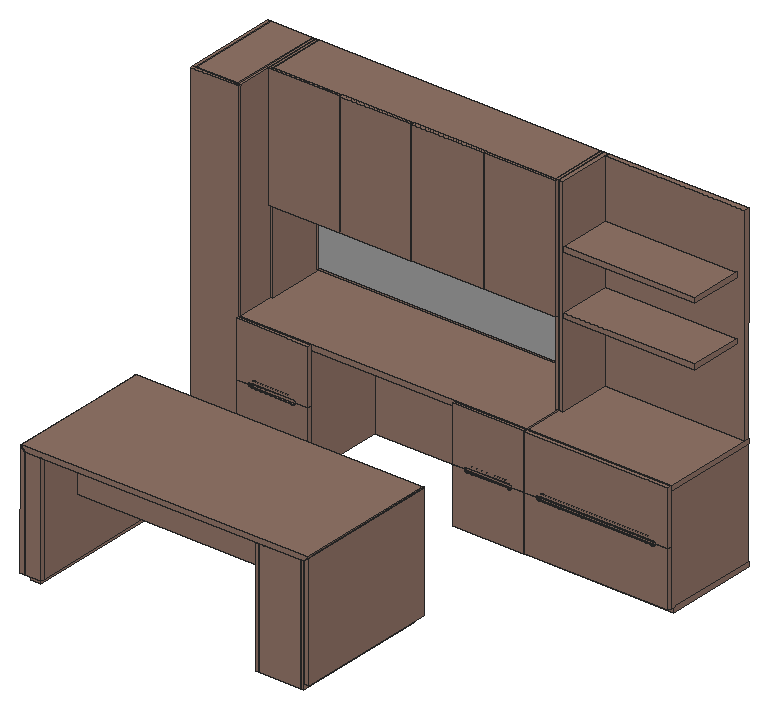
Revit family "OFS TYPICAL S100003", category Furniture, Revit 2022
Family settings
  OmniClass Number = 23.40.20.00
  OmniClass Title = General Furniture and Specialties
  Work Plane-Based = No
  Always vertical = Yes
  Cut with Voids When Loaded = No
  Render Appearance Source = Family Geometry
  Shared = No
  Room Calculation Point = No
Parameters (values of type "S100003")
  URL = "http://ofs.com/"
  Model = "S100003"
  Manufacturer = "OFS"
  Description = "OFS TYPICAL S100003"
  Default Elevation = 0' - 0"
  Copyright © = "©OFS 2024"
  Catalog = ""
  Authoring Version = "Autodesk Revit 2018"
  Assembly Code = "E2020200"
Reference planes (in)
  plane 1 "Center Front/Back": y = 0
  plane 2: z = 0
  plane 3 "Center Left/Right": x = 0
Dimensions and locks (in)
  aligned and locked: level to plane 2
Nested families (in)
  nested 1: "OFS SLATE STORAGE CABINET WARDROBE" at (-66, 0, 0), type "Storage Cabinet-Wardrobe 24.75D Left - 12W x 81H"
    with Top OFS SLATE Dark Wood, Right no, Left yes, Glides OFS SLATE Black Plastic, Door OFS SLATE Dark Wood, Case OFS SLATE Dark Wood, Base OFS SLATE Dark Wood
  nested 2: "OFS SLATE CREDENZAS" at (18, 0, 0), type "36"W Lateral File"
    with Top OFS Dark Wood, Panel OFS Dark Wood, Glides OFS Black Plastic, Drawers OFS Dark Wood, Case OFS Dark Wood, Base OFS Dark Wood
  nested 3: "OFS SLATE OPEN SHELF ORGANIZER" at (18, 0, 0), type "Open Shelf Organizer2 Shelves - Right 2 High - 36W x 52H"
    with Shelf OFS SLATE Dark Wood, Panel OFS SLATE Dark Wood, Elevation 2' - 5 1/4"
  nested 4: "OFS SLATE TACKBOARDS" at (-54.0625, 0, 0), type "Tackboard 72W x 19D"
    with Elevation 2' - 6 1/2", Board OFS SLATE White Fabric
  nested 5: "OFS SLATE CREDENZAS" at (-54, 0, 0), type "72"W Double Pedestal"
    with Top OFS Dark Wood, Panel OFS Dark Wood, Glides OFS Black Plastic, Drawers OFS Dark Wood, Case OFS Dark Wood, Base OFS Dark Wood
  nested 6: "OFS SLATE HIGHBACK ORGANIZER" at (-54, 0, 0), type "Highback Organizer 4 Doors 72W x 52H - 2 High"
    with Top OFS SLATE Dark Wood, Show Doors yes, Panel OFS SLATE Dark Wood, Elevation 2' - 5 1/4", Doors OFS SLATE Dark Wood, Center Doors no, Base Panel OFS SLATE Dark Wood, Base OFS SLATE Dark Wood, Back OFS SLATE Dark Wood
  nested 7: "OFS SLATE DESKS" at (-54, -92.15075, 0) x (-1, 0, 0) z (0, 0, 1), type "Partial Modesty Side Pull Left - 72"W x 36"D"
    with Panel OFS Dark Wood, Mid Panel OFS Dark Wood, Glides OFS Black Plastic, Drawers OFS Dark Wood, Doors OFS Dark Wood, Case OFS Dark Wood, Back Panel OFS Dark Wood
Definition of nested family "OFS SLATE STORAGE CABINET WARDROBE"
  Parameters (values of type "Storage Cabinet-Wardrobe 18D Left - 12W x 69H")
    Width = 1' - 0"
    URL = "http://www.ofs.com/"
    Top [instance] = none
    Right [instance] = no
    Model = "CA-121869LSW"
    Manufacturer = "CAROLINA"  # constant formula
    Left [instance] = yes
    Height = 5' - 9"
    Glides [instance] = none
    Door [instance] = none
    Description = "OFS SLATE Storage Cabinet/Wardrobe Left 12W x 18D x 68.75H, Slate Private Office"
    Depth = 1' - 6"
    Default Elevation = 0' - 0"
    Copyright © = "© 2019 OFS"  # constant formula
    Catalog = "https://ofs.com/products/tables/conference/slate"  # constant formula
    Case [instance] = none
    Base [instance] = none
    Authoring Version = "Autodesk Revit Architecture 2014"  # constant formula
    Assembly Code = "E2020200"
  Types (16): name | Width | Right | Model | Left | Height | Description | Depth
    Storage Cabinet-Wardrobe 24.75D Left - 18W x 81H | 1' - 6" | no | "CA-18481LSW" | yes | 6' - 9" | "OFS SLATE Storage Cabinet/Wardrobe Left 18W x 24.75D x 80.75H, Slate Private Office" | 2' - 0"
    Storage Cabinet-Wardrobe 24.75D Left - 12W x 81H | 1' - 0" | no | "CA-122481LSW" | yes | 6' - 9" | "OFS SLATE Storage Cabinet/Wardrobe Left 12W x 24.75D x 80.75H, Slate Private Office" | 2' - 0"
    Storage Cabinet-Wardrobe 24.75D Left - 18W x 69H | 1' - 6" | no | "CA-182469LSW" | yes | 5' - 9" | "OFS SLATE Storage Cabinet/Wardrobe Left 18W x 24.75D x 68.75H, Slate Private Office" | 2' - 0"
    Storage Cabinet-Wardrobe 24.75D Left - 12W x 69H | 1' - 0" | no | "CA-122469LSW" | yes | 5' - 9" | "OFS SLATE Storage Cabinet/Wardrobe Left 12W x 24.75D x 68.75H, Slate Private Office" | 2' - 0"
    Storage Cabinet-Wardrobe 24.75D Right - 18W x 81H | 1' - 6" | yes | "CA-182481RSW" | no | 6' - 9" | "OFS SLATE Storage Cabinet/Wardrobe Right 18W x 24.75D x 80.75H, Slate Private Office" | 2' - 0"
    Storage Cabinet-Wardrobe 24.75D Right - 12W x 81H | 1' - 0" | yes | "CA-122481RSW" | no | 6' - 9" | "OFS SLATE Storage Cabinet/Wardrobe Right 12W x 24.75D x 80.75H, Slate Private Office" | 2' - 0"
    Storage Cabinet-Wardrobe 24.75D Right - 18W x 69H | 1' - 6" | yes | "CA-182469RSW" | no | 5' - 9" | "OFS SLATE Storage Cabinet/Wardrobe Right 18W x 24.75D x 68.75H, Slate Private Office" | 2' - 0"
    Storage Cabinet-Wardrobe 24.75D Right - 12W x 69H | 1' - 0" | yes | "CA-122469RSW" | no | 5' - 9" | "OFS SLATE Storage Cabinet/Wardrobe Right 12W x 24.75D x 68.75H, Slate Private Office" | 2' - 0"
    Storage Cabinet-Wardrobe 18D Left - 18W x 81H | 1' - 6" | no | "CA-181881LSW" | yes | 6' - 9" | "OFS SLATE Storage Cabinet/Wardrobe Left 18W x 18D x 80.75H, Slate Private Office" | 1' - 6"
    Storage Cabinet-Wardrobe 18D Left - 12W x 81H | 1' - 0" | no | "CA-121881LSW" | yes | 6' - 9" | "OFS SLATE Storage Cabinet/Wardrobe Left 12W x 18D x 80.75H, Slate Private Office" | 1' - 6"
    Storage Cabinet-Wardrobe 18D Left - 18W x 69H | 1' - 6" | no | "CA-181869LSW" | yes | 5' - 9" | "OFS SLATE Storage Cabinet/Wardrobe Left 18W x 18D x 68.75H, Slate Private Office" | 1' - 6"
    Storage Cabinet-Wardrobe 18D Left - 12W x 69H | 1' - 0" | no | "CA-121869LSW" | yes | 5' - 9" | "OFS SLATE Storage Cabinet/Wardrobe Left 12W x 18D x 68.75H, Slate Private Office" | 1' - 6"
    Storage Cabinet-Wardrobe 18D Right - 18W x 81H | 1' - 6" | yes | "CA-181881RSW" | no | 6' - 9" | "OFS SLATE Storage Cabinet/Wardrobe Right 18W x 18D x 80.75H, Slate Private Office" | 1' - 6"
    Storage Cabinet-Wardrobe 18D Right - 12W x 81H | 1' - 0" | yes | "CA-121881RSW" | no | 6' - 9" | "OFS SLATE Storage Cabinet/Wardrobe Right 12W x 18D x 80.75H, Slate Private Office" | 1' - 6"
    Storage Cabinet-Wardrobe 18D Right - 18W x 69H | 1' - 6" | yes | "CA-181869RSW" | no | 5' - 9" | "OFS SLATE Storage Cabinet/Wardrobe Right 18W x 18D x 68.75H, Slate Private Office" | 1' - 6"
    Storage Cabinet-Wardrobe 18D Right - 12W x 69H | 1' - 0" | yes | "CA-121869RSW" | no | 5' - 9" | "OFS SLATE Storage Cabinet/Wardrobe Right 12W x 18D x 68.75H, Slate Private Office" | 1' - 6"
  Reference planes (in)
    plane 1 "Center (Front/Back)": y = 0
    plane 2: z = 0
    plane 3 "Center (Left/Right)": x = 0
    plane 4: x = 12
    plane 5: x = 6
    plane 6: y = -18
    plane 7: y = -21.66451
    plane 8: z = 68.7
    plane 9: z = 68.6375
    plane 10: z = 67.95
    plane 11: z = 1.7625
    plane 12: z = 2.45
    plane 13: z = 1.7
    plane 14: z = 0.45
    plane 15: z = 69
  Dimensions and locks (in)
    "Width": plane 3 "Center (Left/Right)" to plane 4
    equal spacing: plane 3 "Center (Left/Right)", plane 5, plane 4
    plane 15 to plane 8 to plane 9 to plane 10 = 0' - 0.3" locked, 0' - 0 1/16" locked, 0' - 0 11/16" locked
    plane 12 to plane 11 to plane 13 to plane 14 to level = 0' - 0 11/16" locked, 0' - 0 1/16" locked, 0' - 1 1/4" locked, 0' - 0.45" locked
    "Height": plane 15 to level
    equal spacing: nested 3, nested 4, plane 3 "Center (Left/Right)"
    locked: plane 7 to plane 6 at 3.66451
    "Depth": plane 6 to plane 1 "Center (Front/Back)"
    aligned and locked: level to plane 2
    aligned and locked: nested 1 to plane 7
    aligned and locked: plane 5 to nested 1
    aligned and locked: nested 4 to plane 7
  Nested families (in)
    nested 1: "Tag" at (6, -21.66451, 0) x (-1, 0, 0) z (0, 0, 1), visible <- "Left", type "Center", detail levels fine
      with Offset (LR) 0' - 0", Distance of Center (not Change) 0' - 0.11"
    nested 2: "OFS_Slate Private Office_Storage_Cabinet_Wardrobe" at (0, 0, 0), Top <- "Top", Glides <- "Glides", Drawers <- "Door", Case <- "Case", Base <- "Base", visible <- "Left", type "OFS_Slate Private Office_Storage_Cabinet_Wardrobe"
      with Top none, Right no, Left yes, Glides none, Drawers none, Case none, Base none
    nested 3: "OFS_Slate Private Office_Storage_Cabinet_Wardrobe" at (0, 0, 0) x (-1, 0, 0) z (0, 0, 1), Top <- "Top", Glides <- "Glides", Drawers <- "Door", Case <- "Case", Base <- "Base", visible <- "Right", type "OFS_Slate Private Office_Storage_Cabinet_Wardrobe"
      with Top none, Right no, Left yes, Glides none, Drawers none, Case none, Base none
    nested 4: "Tag" at (-6, -21.66451, 0), visible <- "Right", type "Center", detail levels fine
      with Offset (LR) 0' - 0", Distance of Center (not Change) 0' - 0.11"
  Definition of nested family "OFS_Slate Private Office_Storage_Cabinet_Wardrobe"
    Parameters
      Width = 1' - 0"
      URL = "http://www.ofsbrands.com/"
      Top [instance] = none
      Right [instance] = no
      Model = "Type Catalog"
      Manufacturer = "OFS BRANDS"  # constant formula
      Left [instance] = yes
      Height = 5' - 9"
      Glides [instance] = none
      Drawers [instance] = none
      Description = "Type Catalog"
      Depth = 1' - 6"
      Default Elevation = 0' - 0"
      Copyright © = "© 2016 OFS BRANDS"  # constant formula
      Catalog = "OFS"  # constant formula
      Case [instance] = none
      Base [instance] = none
      Authoring Version = "Autodesk Revit Architecture 2014"  # constant formula
      Assembly Code = "E2020200"
    Reference planes (in)
      plane 1 "Center (Front/Back)": y = 0
      plane 2: z = 0
      plane 3 "Center (Left/Right)": x = 0
      plane 4: x = 12
      plane 5: x = 6
      plane 6: y = -0.75
      plane 7: y = -1.37544
      plane 8: y = -18
      plane 9: y = -17.25
      plane 10: y = -16.375
      plane 11: y = -14.99956
      plane 12: y = -15.625
      plane 13: y = -21.66451
      plane 14: x = 0.75
      plane 15: x = 2.25
      plane 16: x = 9.75
      plane 17: x = 11.25
      plane 18: z = 68.7
      plane 19: z = 68.6375
      plane 20: z = 67.95
      plane 21: z = 1.7625
      plane 22: z = 2.45
      plane 23: z = 1.7
      plane 24: z = 0.45
      plane 25: z = 69
    Forms (in)
      Revolve 1, solid, material <- "Glides"
        sketch origin (14.86463, -1.37544, 140) x (1, 0, 0) y (0, 0, 1)
          loop
            line (-13.47373, -139.55) -> (-13.72373, -139.55) -> (-13.72373, -139.74756) -> (-13.76241, -139.74756)
            arc (-13.76241, -139.74756) -> (-13.84683, -139.89216) -> (-13.71873, -140) r 0.13
            line (-13.71873, -140) -> (-13.47373, -140) -> (-13.47373, -139.55)
          axis (-13.47373, -139.55) -> (-13.47373, -140)
        angle from 0 to 360
      Revolve 2, solid, material <- "Glides"
        sketch origin (-2.86463, -1.37544, 140) x (-1, 0, 0) y (0, 0, -1)
          loop
            line (-13.47373, 139.55) -> (-13.47373, 140) -> (-13.71873, 140)
            arc (-13.71873, 140) -> (-13.84683, 139.89216) -> (-13.76241, 139.74756) r 0.13
            line (-13.76241, 139.74756) -> (-13.72373, 139.74756) -> (-13.72373, 139.55) -> (-13.47373, 139.55)
          axis (-13.47373, 139.55) -> (-13.47373, 140)
        angle from 0 to 360
      Revolve 3, solid, material <- "Glides"
        sketch origin (14.86463, -14.99956, 140) x (1, 0, 0) y (0, 0, 1)
          loop
            line (-13.47373, -139.55) -> (-13.72373, -139.55) -> (-13.72373, -139.74756) -> (-13.76241, -139.74756)
            arc (-13.76241, -139.74756) -> (-13.84683, -139.89216) -> (-13.71873, -140) r 0.13
            line (-13.71873, -140) -> (-13.47373, -140) -> (-13.47373, -139.55)
          axis (-13.47373, -139.55) -> (-13.47373, -140)
        angle from 0 to 360
      Revolve 4, solid, material <- "Glides"
        sketch origin (14.86463, -14.99956, 140) x (1, 0, 0) y (0, 0, 1)
          loop
            line (-4.25553, -139.55) -> (-4.25553, -140) -> (-4.01053, -140)
            arc (-4.01053, -140) -> (-3.88244, -139.89216) -> (-3.96686, -139.74756) r 0.13
            line (-3.96686, -139.74756) -> (-4.00553, -139.74756) -> (-4.00553, -139.55) -> (-4.25553, -139.55)
          axis (-4.25553, -139.55) -> (-4.25553, -140)
        angle from 0 to 360
      Extrusion 5, solid, material <- "Case"
        sketch origin (-18.37457, -60, 0.45) x (-1, 0, 0) y (0, -1, 0)
          loop
            line (-19.12457, -59.25) -> (-19.12457, -57.75) -> (-20.62457, -57.75) -> (-20.62457, -59.25) -> (-19.12457, -59.25)
          loop
            line (-28.12457, -59.25) -> (-28.12457, -57.75) -> (-29.62457, -57.75) -> (-29.62457, -59.25) -> (-28.12457, -59.25)
          loop
            line (-19.12457, -44.375) -> (-20.62457, -44.375) -> (-20.62457, -45.875) -> (-19.12457, -45.875) -> (-19.12457, -44.375)
          loop
            line (-28.12457, -44.375) -> (-29.62457, -44.375) -> (-29.62457, -45.875) -> (-28.12457, -45.875) -> (-28.12457, -44.375)
        from 0 to 1.25
      Sweep 6, solid, material <- "Case"
        path origin (-18.37457, -60, 0.45) x (-1, 0, 0) y (0, -1, 0)
          loop
            line (-19.12457, -60) -> (-19.12457, -44.375) -> (-29.62457, -44.375) -> (-29.62457, -60)
        profile origin (6, -15.625, 0.45) x (0, 1, 0) y (0, 0, 1)
          loop
            line (0, 0) -> (0, 1.25) -> (-0.75, 1.25) -> (-0.75, 0) -> (0, 0)
      Extrusion 7, solid, material <- "Case"
        sketch origin (0, 0, 0) x (1, 0, 0) y (0, 0, 1)
          loop
            line (0, 1.7) -> (0.75, 1.7) -> (0.75, 68.7) -> (0, 68.7) -> (0, 1.7)
          loop
            line (12, 1.7) -> (12, 68.7) -> (11.25, 68.7) -> (11.25, 1.7) -> (12, 1.7)
        from 0 to 17.25
      Extrusion 8, solid, material <- "Drawers"
        sketch origin (-3.04745, -18, 140) x (-1, 0, 0) y (0, 0, 1)
          loop
            line (-14.98502, -138.2375) -> (-3.10988, -138.2375) -> (-3.10988, -71.3625) -> (-14.98502, -71.3625) -> (-14.98502, -138.2375)
        from 0 to 0.75
      Extrusion 9, solid, material <- "Top"
        sketch origin (0.75, 2.87053, 140) x (0, 1, 0) y (0, 0, 1)
          loop
            line (-2.87053, -71.3) -> (-20.12053, -71.3) -> (-20.12053, -72.05) -> (-2.87053, -72.05) -> (-2.87053, -71.3)
        from 0 to 10.5
      Extrusion 10, solid, material <- "Base"
        sketch origin (0.75, 2.87053, 140) x (0, 1, 0) y (0, 0, 1)
          loop
            line (-3.62053, -137.55) -> (-20.12053, -137.55) -> (-20.12053, -138.3) -> (-3.62053, -138.3) -> (-3.62053, -137.55)
        from 0 to 10.5
      Extrusion 11, solid, material <- "Case"
        sketch origin (-18.37457, -60, 0.45) x (-1, 0, 0) y (0, -1, 0)
          loop
            line (-19.12457, -60) -> (-19.12457, -59.25) -> (-29.62457, -59.25) -> (-29.62457, -60) -> (-19.12457, -60)
        from 0 to 67.5
    Cuts and joins
      joined: Sweep 6, Extrusion 7
      joined: Revolve 1, Revolve 2, Revolve 3, Revolve 4
    Lines and regions (in)
      Masking region 1
        outline origin (-18.37457, -60, 68.7) x (-1, 0, 0) y (0, -1, 0)
          loop
            line (-18.37457, -60) -> (-18.37457, -42) -> (-30.37457, -42) -> (-30.37457, -60) -> (-18.37457, -60)
      symbolic lines, detail levels medium+fine
        curve 1: line (0, -18, 68.7) -> (12, -21.66451, 68.7)
        curve 2: line (12, -21.66451, 68.7) -> (12, -18, 68.7)
    Dimensions and locks (in)
      "Width": plane 3 "Center (Left/Right)" to plane 4
      equal spacing: plane 3 "Center (Left/Right)", plane 5, plane 4
      plane 3 "Center (Left/Right)" to plane 14 to plane 15 = 0' - 0 3/4" locked, 0' - 1 1/2" locked
      plane 16 to plane 17 to plane 4 = 0' - 1 1/2" locked, 0' - 0 3/4" locked
      plane 13 to plane 8 to plane 9 to plane 10 to plane 12 to plane 11 = 0' - 3.66451" locked, 0' - 0 3/4" locked, 0' - 0 7/8" locked, 0' - 0 3/4" locked, 0' - 0.62544" locked
      plane 7 to plane 6 to plane 1 "Center (Front/Back)" = 0' - 0.62544" locked, 0' - 0 3/4" locked
      "Depth": plane 8 to plane 1 "Center (Front/Back)"
      plane 25 to plane 18 to plane 19 to plane 20 = 0' - 0.3" locked, 0' - 0 1/16" locked, 0' - 0 11/16" locked
      plane 22 to plane 21 to plane 23 to plane 24 to level = 0' - 0 11/16" locked, 0' - 0 1/16" locked, 0' - 1 1/4" locked, 0' - 0.45" locked
      "Height": plane 25 to level
      aligned and locked: level to plane 2
      aligned and locked: Extrusion 5 sketch curve to plane 6  (x2)
      aligned and locked: plane 14 to Extrusion 5 sketch curve
      aligned and locked: Extrusion 5 sketch curve to plane 15
      aligned and locked: plane 16 to Extrusion 5 sketch curve
      aligned and locked: plane 17 to Extrusion 5 sketch curve
      aligned and locked: Extrusion 5 sketch curve to plane 12  (x2)
      aligned and locked: Extrusion 5 sketch curve to plane 14
      aligned and locked: plane 15 to Extrusion 5 sketch curve
      aligned and locked: Extrusion 5 sketch curve to plane 16
      aligned and locked: Extrusion 5 sketch curve to plane 17
      aligned and locked: plane 23 to Extrusion 5
      aligned and locked: Sweep 6 sketch curve to plane 12
      aligned and locked: plane 18 to Extrusion 7 sketch curve
      aligned and locked: Extrusion 7 sketch curve to plane 3 "Center (Left/Right)"
      aligned and locked: plane 14 to Extrusion 7 sketch curve
      aligned and locked: Extrusion 7 sketch curve to plane 18
      aligned and locked: Extrusion 7 sketch curve to plane 17
      aligned and locked: Extrusion 7 sketch curve to plane 4
      aligned and locked: plane 9 to Extrusion 7
      aligned and locked: plane 19 to Extrusion 8 sketch curve
      aligned and locked: plane 21 to Extrusion 8 sketch curve
      aligned and locked: Extrusion 9 sketch curve to plane 9
      aligned and locked: Extrusion 9 sketch curve to plane 18
      aligned and locked: plane 20 to Extrusion 9 sketch curve
      aligned and locked: plane 1 "Center (Front/Back)" to Extrusion 9 sketch curve
      aligned and locked: Extrusion 10 sketch curve to plane 22
      aligned and locked: Extrusion 10 sketch curve to plane 6
      aligned and locked: Extrusion 10 to plane 17
      aligned and locked: Extrusion 11 sketch curve to Extrusion 10
      aligned and locked: plane 20 to Extrusion 11
      aligned and locked: Extrusion 9 to plane 17
      aligned and locked: plane 14 to Sweep 6 sketch curve
      aligned and locked: plane 17 to Sweep 6 sketch curve
      aligned and locked: Extrusion 11 to plane 24
      aligned and locked: Masking region 1 sketch curve to plane 4
      aligned and locked: plane 3 "Center (Left/Right)" to Masking region 1 sketch curve
      aligned and locked: plane 1 "Center (Front/Back)" to Masking region 1 sketch curve
      aligned and locked: plane 8 to Masking region 1 sketch curve
      aligned and locked: plane 13 to curve 1
      aligned and locked: plane 4 to curve 1
      aligned and locked: plane 3 "Center (Left/Right)" to curve 1
      aligned and locked: plane 8 to curve 1
      aligned and locked: plane 8 to curve 2
      aligned and locked: Extrusion 7 sketch curve to plane 23
      aligned and locked: plane 23 to Extrusion 7 sketch curve
      aligned and locked: plane 1 "Center (Front/Back)" to Sweep 6 sketch curve  (x2)
    Automatic sketch dimensions
      Revolve 1 sketch curve to plane 24 = 0' - 0"
      Revolve 1 sketch curve to level = 0' - 0"
      Revolve 1 sketch curve to plane 24 = 0' - 0.19756"
      plane 14 to Revolve 1 sketch curve = 0' - 0.35223"
      Revolve 1 sketch curve to Revolve 1 sketch curve = 0' - 0.03868"
      Revolve 1 sketch curve to Revolve 1 sketch curve = 0' - 0.005"
      Revolve 1 sketch curve to Revolve 1 sketch curve = 0' - 0.245"
      Revolve 1 sketch curve to Revolve 1 sketch curve = 0' - 0"
      Revolve 1 sketch curve to level = 0' - 0.14265"
      Revolve 1 sketch curve to Revolve 1 sketch curve = 0' - 0.19756"
      Revolve 2 sketch curve to plane 24 = 0' - 0"
      Revolve 2 sketch curve to level = 0' - 0"
      Revolve 2 sketch curve to plane 24 = 0' - 0.19756"
      plane 17 to Revolve 2 sketch curve = 0' - 0.35223"
      Revolve 2 sketch curve to Revolve 2 sketch curve = 0' - 0.03868"
      Revolve 2 sketch curve to Revolve 2 sketch curve = 0' - 0.005"
      Revolve 2 sketch curve to Revolve 2 sketch curve = 0' - 0.245"
      Revolve 2 sketch curve to Revolve 2 sketch curve = 0' - 0"
      Revolve 2 sketch curve to Revolve 2 sketch curve = 0' - 0.19756"
      Revolve 2 sketch curve to level = 0' - 0.14265"
      Revolve 3 sketch curve to plane 24 = 0' - 0"
      Revolve 3 sketch curve to level = 0' - 0"
      Revolve 3 sketch curve to plane 24 = 0' - 0.19756"
      plane 14 to Revolve 3 sketch curve = 0' - 0.35223"
      Revolve 3 sketch curve to Revolve 3 sketch curve = 0' - 0.03868"
      Revolve 3 sketch curve to Revolve 3 sketch curve = 0' - 0.005"
      Revolve 3 sketch curve to Revolve 3 sketch curve = 0' - 0.245"
      Revolve 3 sketch curve to Revolve 3 sketch curve = 0' - 0"
      Revolve 3 sketch curve to level = 0' - 0.14265"
      Revolve 3 sketch curve to Revolve 3 sketch curve = 0' - 0.19756"
      Revolve 4 sketch curve to plane 24 = 0' - 0"
      Revolve 4 sketch curve to level = 0' - 0"
      plane 17 to Revolve 4 sketch curve = 0' - 0.6409"
      Revolve 4 sketch curve to Revolve 4 sketch curve = 0' - 0.245"
      Revolve 4 sketch curve to Revolve 4 sketch curve = 0' - 0.005"
      Revolve 4 sketch curve to Revolve 4 sketch curve = 0' - 0.03868"
      Revolve 4 sketch curve to Revolve 4 sketch curve = 0' - 0.13"
      Revolve 4 sketch curve to Revolve 4 sketch curve = 0' - 0"
      Revolve 4 sketch curve to level = 0' - 0.14265"
      Revolve 4 sketch curve to Revolve 4 sketch curve = 0' - 0.19756"
      plane 7 to Extrusion 5 sketch curve = 0' - 0.87456"  (x2)
      Extrusion 5 sketch curve to plane 11 = 0' - 0.87456"  (x2)
      Sweep 6 sketch curve to plane 24 = 0' - 0"
      Sweep 6 sketch curve to profile plane = 0' - 0"
      profile plane to Sweep 6 sketch curve = 0' - 0 3/4"
      Sweep 6 sketch curve to Sweep 6 sketch curve = 0' - 1 1/4"
      Extrusion 8 sketch curve to plane 4 = 0' - 0.06243"
      plane 3 "Center (Left/Right)" to Extrusion 8 sketch curve = 0' - 0.06243"
      Extrusion 11 sketch curve to plane 6 = 0' - 0"
      Extrusion 10 sketch curve to plane 9 = 0' - 0"
      Extrusion 10 sketch curve to plane 23 = 0' - 0"
      Extrusion 11 sketch curve to plane 14 = 0' - 0"
      plane 1 "Center (Front/Back)" to Extrusion 11 sketch curve = 0' - 0"
  Definition of nested family "Tag"
    Parameters
      P_Width = 0' - 0"
      Text_Width = "Empty"
      Text_Height = "Empty"
      Text_Diameter = "Empty"
      Text_Depth = "Empty"
      Offset (LR) [instance] = 0' - 0"
      Model Name = "Type Catalog"
      P_Height = 0' - 0"
      Distance of Center (not Change) = 0' - 0.1"
      P_Diameter = 0' - 0"
      P_Depth = 0' - 0"
    Reference planes (in)
      plane 1: y = 0
      plane 2: x = 0
    Lines and regions (in)
      reference lines
        curve 1: line (-0.44359, 0.1, 0) -> (0.41085, 0.1, 0)
        curve 3: line (0, 0.42564, 0) -> (0, -0.30221, 0)
      reference lines, not visible
        curve 2: line (-0.44359, 0.09843, 0) -> (0.41085, 0.09843, 0)
        curve 4: line (0, 0.42407, 0) -> (0, -0.30379, 0)
    Text (in)
      label "Empty" at (0.00197, 0.0921, 0), shows "Model Name"
      label "Empty" at (0.00197, 0.09052, 0), shows "Model Name", not visible
    Dimensions and locks (in)
      "Distance of Center (not Change)": plane 1 to curve 1
      "Offset (LR)": curve 3 to plane 2
    Automatic sketch dimensions
      curve 1 to curve 3 = 0' - 0.44359"
      curve 3 to curve 1 = 0' - 0.41085"
      curve 3 to curve 1 = 0' - 0.40221"
      curve 1 to curve 3 = 0' - 0.32564"
      curve 2 to curve 4 = 0' - 0.44359"
      curve 4 to curve 2 = 0' - 0.41085"
      curve 4 to curve 2 = 0' - 0.40221"
      curve 2 to curve 4 = 0' - 0.32564"
Definition of nested family "OFS SLATE CREDENZAS"
  Parameters (values of type "108"W Overlay Lateral File")
    Width = 9' - 0"
    URL = "http://www.ofs.com/"
    Type = 4
    Top [instance] = none
    Panel [instance] = none
    Model = "CA-A10825CLF6"
    Manufacturer = "CAROLINA"
    Glides [instance] = none
    Drawers [instance] = none
    Description = "OFS SLATE Credenza Overlay Lateral File 6 Drawers, 108W x 25.50D x 20.5H, Slate Private Office"
    Default Elevation = 0' - 0"
    Copyright © = "© 2019 OFS"
    Catalog = "https://ofs.com/products/casegoods/private-office/slate"
    Case [instance] = none
    Base [instance] = none
    Authoring Version = "Autodesk Revit Architecture 2014"
    Assembly Code = "E2020200"
  Types (19): name | Width | Type | Model | Description
    108"W Overlay Lateral File/Doors | 9' - 0" | 5 | "CA-A10825CLFC4" | "OFS SLATE Credenza Overlay Lateral File/Doors 4 Drawers, 108W x 25.50D x 30.5H, Slate Private Office"
    90"W Overlay Lateral File/Doors | 7' - 6" | 5 | "CA-A9025CLFC4" | "OFS SLATE Credenza Overlay Lateral File/Doors 4 Drawers, 90W x 25.50D x 30.5H, Slate Private Office"
    72"W Overlay Lateral File/Doors | 6' - 0" | 5 | "CA-A7225CLFC2" | "OFS SLATE Credenza Overlay Lateral File/Doors 2 Drawers, 72W x 25.50D x 30.5H, Slate Private Office"
    60"W Overlay Lateral File/Doors | 5' - 0" | 5 | "CA-A6025CLFC2" | "OFS SLATE Credenza Overlay Lateral File/Doors 2 Drawers, 60W x 25.50D x 30.5H, Slate Private Office"
    108"W Overlay Lateral File | 9' - 0" | 4 | "CA-A10825CLF6" | "OFS SLATE Credenza Overlay Lateral File 6 Drawers, 108W x 25.50D x 20.5H, Slate Private Office"
    90"W Overlay Lateral File | 7' - 6" | 4 | "CA-A9025CLF6" | "OFS SLATE Credenza Overlay Lateral File 6 Drawers, 90W x 25.50D x 20.5H, Slate Private Office"
    72"W Overlay Lateral File | 6' - 0" | 4 | "CA-A7225CLF4" | "OFS SLATE Credenza Overlay Lateral File 4 Drawers, 72W x 25.50D x 20.5H, Slate Private Office"
    60"W Overlay Lateral File | 5' - 0" | 4 | "CA-A6025CLF4" | "OFS SLATE Credenza Overlay Lateral File 4 Drawers, 60W x 25.50D x 20.5H, Slate Private Office"
    36"W Overlay Lateral File | 3' - 0" | 4 | "CA-A3625CLF2" | "OFS SLATE Credenza Overlay Lateral File 2 Drawers, 36W x 25.50D x 20.5H, Slate Private Office"
    30"W Overlay Lateral File | 2' - 6" | 4 | "CA-A3025CLF2" | "OFS SLATE Credenza Overlay Lateral File 2 Drawers, 30W x 25.50D x 20.5H, Slate Private Office"
    72"W Lateral File/Cabinet | 6' - 0" | 3 | "CA-7224CLFC2-2" | "OFS SLATE Credenza Lateral File/Babinet, 72W x 24.75D x 29,25H, Slate Private Office"
    66"W Lateral File/Cabinet | 5' - 6" | 3 | "CA-6624CLFC2-2" | "OFS SLATE Credenza Lateral File/Babinet, 66W x 24.75D x 29,25H, Slate Private Office"
    72"W Lateral File | 6' - 0" | 2 | "CA-7224CLF4-2" | "OFS SLATE Credenza Lateral File, 72W x 24.75D x 29,25H, Slate Private Office"
    60"W Lateral File | 5' - 0" | 2 | "CA-6024CLF4-2" | "OFS SLATE Credenza Lateral File, 60W x 24.75D x 29,25H, Slate Private Office"
    36"W Lateral File | 3' - 0" | 2 | "CA-3624CLF2-2" | "OFS SLATE Credenza Lateral File, 36W x 24.75D x 29,25H, Slate Private Office"
    30"W Lateral File | 2' - 6" | 2 | "CA-3024CLF2-2" | "OFS SLATE Credenza Lateral File, 30W x 24.75D x 29,25H, Slate Private Office"
    72"W Double Pedestal | 6' - 0" | 1 | "CA-7224CR-2" | "OFS SLATE Credenza Double Pedestal, 72W x 24.75D x 29,25H, Slate Private Office"
    66"W Double Pedestal | 5' - 6" | 1 | "CA-6624CR-2" | "OFS SLATE Credenza Double Pedestal, 66W x 24.75D x 29,25H, Slate Private Office"
    60"W Double Pedestal | 5' - 0" | 1 | "CA-6024CR-2" | "OFS SLATE Credenza Double Pedestal, 60W x 24.75D x 29,25H, Slate Private Office"
  Reference planes (in)
    plane 1 "Center (Front/Back)": y = 0
    plane 2: z = 0
    plane 3 "Center (Left/Right)": x = 0
    plane 4: x = 108
    plane 5: y = -24.83728
    plane 6: x = 54
  Dimensions and locks (in)
    "Width": plane 3 "Center (Left/Right)" to plane 4
    equal spacing: plane 3 "Center (Left/Right)", plane 6, plane 4
    aligned and locked: level to plane 2
    aligned and locked: plane 6 to nested 1
    aligned and locked: plane 5 to nested 1
  Nested families (in)
    nested 1: "Tag" at (54, -24.83728, 0), type "Center", detail levels fine
      with Offset (LR) 0' - 0", Distance of Center (not Change) 0' - 0.12"
    nested 2: "OFS_Slate Private Office_Credenzas_Double Pedestal" at (0, 0, 0), Top <- "Top", Panel <- "Panel", Glides <- "Glides", Drawers <- "Drawers", Case <- "Case", Base <- "Base", Width <- "Width", Type <- "Type", type "OFS_Slate Private Office_Credenzas_Double Pedestal"
      with Width 1 9' - 0", Width 9' - 0", Type 4, Top none, Panel none, Glides none, Drawers none, Double Pedestal no, Case none, Base none
    nested 3: "OFS_Slate Private Office_Credenzas_Lateral File Cabinet" at (0, 0, 0), Top <- "Top", Glides <- "Glides", Drawers <- "Drawers", Case <- "Case", Base <- "Base", Width <- "Width", type "OFS_Slate Private Office_Credenzas_Lateral File Cabinet"
      with Width 1 9' - 0", Width 9' - 0", Top none, Length 2' - 4.755", Glides none, Drawers none, Case none, Base none, Type 4, Lateral File/Cabinet no
    nested 4: "OFS_Slate Private Office_Credenzas_Lateral File" at (0, 0, 0), Top <- "Top", Glides <- "Glides", Drawers <- "Drawers", Case <- "Case", Base <- "Base", Width <- "Width", type "OFS_Slate Private Office_Credenzas_Lateral File"
      with Width 9' - 0", Top none, Length 3 9' - 3", Length 2 2' - 4.692", Length 1 4' - 6", Glides none, Drawers none, Case none, Base none, Type 4, Lateral File no
    nested 5: "OFS_Slate Private Office_Credenzas_Overlay Lateral File Doors" at (0, 0, 0), Top <- "Top", Panel <- "Panel", Glides <- "Glides", Drawers <- "Drawers", Case <- "Case", Base <- "Base", Width <- "Width", type "OFS_Slate Private Office_Credenzas_Overlay Lateral File Doors"
      with Width 1 9' - 0", Width 9' - 0", Top none, Panel none, Length 2 1' - 5 7/8", Length 1 2' - 3.005", Lateral Drawers no, Glides none, Drawers none, Case none, Base none, 4 Drawers no, 2 Drawers no, Type 4, Overlay Lateral File no
    nested 6: "OFS_Slate Private Office_Credenzas_Overlay Lateral File" at (0, 0, 0), Top <- "Top", Panel <- "Panel", Glides <- "Glides", Drawers <- "Drawers", Case <- "Case", Base <- "Base", Width <- "Width", type "OFS_Slate Private Office_Credenzas_Overlay Lateral File"
      with Width 9' - 0", Top none, Panel none, Length 2 1' - 5 7/8", Length 1 2' - 3.005", Glides none, Drawers none, Case none, Base none, 6 Drawers yes, 4 Drawers no, 2 Drawers no
  Definition of nested family "OFS_Slate Private Office_Credenzas_Overlay Lateral File"
    Parameters
      Width [instance] = 2' - 6"
      URL = "http://www.ofsbrands.com/"
      Type = 4
      Top [instance] = none
      Panel [instance] = none
      Model = "Type Catalog"
      Manufacturer = "OFS BRANDS"  # constant formula
      Length 2 [instance] = if(and(Type = 4, Width < 5' 0"), 0' 0.063", 1' 5 7/8")  # 0' - 0.063"
      Length 1 [instance] = if(and(Type = 4, Width = 2' 6"), 1' 7.255", if(and(Type = 4, Width = 3' 0"), 2' 1.255", if(and(Type = 4, Width = 5' 0"), 1' 1.255", if(and(Type = 4, Width = 6' 0"), 2' 1.255", if(and(Type = 4, Width = 7' 6"), 1' 6.005", 2' 3.005")))))  # 1' - 7.255"
      Overlay Lateral File = Type = 4  # yes
      Glides [instance] = none
      Drawers [instance] = none
      Description = "Type Catalog"
      Default Elevation = 0' - 0"
      Copyright © = "© 2016 OFS BRANDS"  # constant formula
      Catalog = "OFS"  # constant formula
      Case [instance] = none
      Base [instance] = none
      Authoring Version = "Autodesk Revit Architecture 2014"  # constant formula
      Assembly Code = "E2020200"
      6 Drawers [instance] = and(Type = 4, Width > 6' 0")  # no
      4 Drawers [instance] = and(Type = 4, Width > 3' 0", Width < 7' 6")  # no
      2 Drawers [instance] = and(Type = 4, Width < 5' 0")  # yes
    Reference planes (in)
      plane 1 "Center (Front/Back)": y = 0
      plane 2: z = 0
      plane 3 "Center (Left/Right)": x = 0
      plane 4: x = 29.25
      plane 5: x = 30
      plane 6: x = 0.75
      plane 7: y = -24
      plane 8: y = -25.58661
      plane 9: y = -23.125
      plane 10: x = 0.125
      plane 11: x = 29.875
      plane 12: z = 0.45
      plane 13: z = 30.3875
      plane 14: y = -1.38677
      plane 15: y = -21.25
      plane 16: y = -11.5625
      plane 17: x = 15
      plane 18: x = 1.8755
      plane 19: x = 28.1245
      plane 20: x = 1.8125
      plane 21: x = 28.1875
      plane 22: x = 28.0625
      plane 23: x = 10.60417
      plane 24: x = 19.39583
    Forms (in)
      Revolve 1, solid, material <- "Glides", visible <- "Overlay Lateral File"
        sketch origin (1.0178, -1.38677, 47.24409) x (-1, 0, 0) y (0, 0, 1)
          loop
            line (0.04905, -46.79409) -> (0.04905, -47.24409) -> (0.29405, -47.24409)
            arc (0.29405, -47.24409) -> (0.42215, -47.13626) -> (0.33773, -46.99165) r 0.13
            line (0.33773, -46.99165) -> (0.29905, -46.99165) -> (0.29905, -46.79409) -> (0.04905, -46.79409)
          axis (0.04905, -46.79409) -> (0.04905, -47.24409)
        angle from 0 to 360
      Revolve 2, solid, material <- "Glides", visible <- "Overlay Lateral File"
        sketch origin (70.9822, -1.38677, 47.24409) x (1, 0, 0) y (0, 0, -1)
          loop
            line (-41.95095, 46.79409) -> (-41.70095, 46.79409) -> (-41.70095, 46.99165) -> (-41.66227, 46.99165)
            arc (-41.66227, 46.99165) -> (-41.57785, 47.13626) -> (-41.70595, 47.24409) r 0.13
            line (-41.70595, 47.24409) -> (-41.95095, 47.24409) -> (-41.95095, 46.79409)
          axis (-41.95095, 46.79409) -> (-41.95095, 47.24409)
        angle from 0 to 360
      Revolve 3, solid, material <- "Glides", visible <- "Overlay Lateral File"
        sketch origin (1.0178, -21.25, 47.24409) x (-1, 0, 0) y (0, 0, 1)
          loop
            line (-28.01344, -46.79409) -> (-28.26344, -46.79409) -> (-28.26344, -46.99165) -> (-28.30212, -46.99165)
            arc (-28.30212, -46.99165) -> (-28.38654, -47.13626) -> (-28.25844, -47.24409) r 0.13
            line (-28.25844, -47.24409) -> (-28.01344, -47.24409) -> (-28.01344, -46.79409)
          axis (-28.01344, -46.79409) -> (-28.01344, -47.24409)
        angle from 0 to 360
      Revolve 4, solid, material <- "Glides", visible <- "Overlay Lateral File"
        sketch origin (1.0178, -21.25, 47.24409) x (-1, 0, 0) y (0, 0, 1)
          loop
            line (0.04905, -46.79409) -> (0.04905, -47.24409) -> (0.29405, -47.24409)
            arc (0.29405, -47.24409) -> (0.42215, -47.13626) -> (0.33773, -46.99165) r 0.13
            line (0.33773, -46.99165) -> (0.29905, -46.99165) -> (0.29905, -46.79409) -> (0.04905, -46.79409)
          axis (0.04905, -46.79409) -> (0.04905, -47.24409)
        angle from 0 to 360
      Sweep 5, solid, material <- "Panel", visible <- "Overlay Lateral File"
        path origin (-60.07556, -60, 0.45) x (-1, 0, 0) y (0, -1, 0)
          loop
            line (-90.07556, -36.875) -> (-60.07556, -36.875)
        profile origin (15, -23.125, 0.45) x (0, -1, 0) y (0, 0, 1)
          loop
            line (-0.75, 0) -> (0, 0) -> (0, 1.25) -> (-0.75, 1.25) -> (-0.75, 0)
      Extrusion 6, solid, material <- "Case", visible <- "Overlay Lateral File"
        sketch origin (0, 0, 0) x (0, 1, 0) y (0, 0, 1)
          loop
            line (0, 29.2) -> (-0.76133, 29.2) -> (-0.76133, 0.45) -> (0, 0.45) -> (0, 29.2)
        from 1.9375 to 28.0625
      Extrusion 7, solid, material <- "Panel", visible <- "Overlay Lateral File"
        sketch origin (0, 0, 0) x (1, 0, 0) y (0, 0, 1)
          loop
            line (0, 29.2) -> (0, 1.7) -> (1.9375, 1.7) -> (1.9375, 29.2) -> (0, 29.2)
          loop
            line (28.0625, 29.2) -> (28.0625, 1.7) -> (30, 1.7) -> (30, 29.2) -> (28.0625, 29.2)
        from 0 to 24.75
      Extrusion 8, solid, material <- "Base", visible <- "Overlay Lateral File"
        sketch origin (-3.76383, -25.58661, 47.24409) x (-1, 0, 0) y (0, 0, 1)
          loop
            line (-5.70133, -44.79409) -> (-31.82633, -44.79409) -> (-31.82633, -45.54409) -> (-5.70133, -45.54409) -> (-5.70133, -44.79409)
        from 0.83661 to 24.83661
      Extrusion 9, solid, material <- "Top", visible <- "Overlay Lateral File"
        sketch origin (1.8125, -27.03977, 47.24409) x (0, -1, 0) y (0, 0, 1)
          loop
            line (-26.28977, -16.85659) -> (-26.28977, -18.0441) -> (-2.28977, -18.0441) -> (-2.28977, -16.85659) -> (-26.28977, -16.85659)
        from 0 to -26.375
      Extrusion 10, solid, material <- "Panel", visible <- "Overlay Lateral File"
        sketch origin (-60.07556, -60, 0.45) x (-1, 0, 0) y (0, -1, 0)
          loop
            line (-62.01306, -38.8125) -> (-62.01306, -60) -> (-60.07556, -60) -> (-60.07556, -36.875) -> (-62.01306, -38.8125)
          loop
            line (-88.13806, -38.8125) -> (-90.07556, -36.875) -> (-90.07556, -60) -> (-88.13806, -60) -> (-88.13806, -38.8125)
        from 0 to 1.25
      Sweep 11, void
        path origin (-3.76383, -25.58661, 47.24409) x (-1, 0, 0) y (0, 0, 1)
          loop
            line (-9.13633, -29.82608) -> (-28.39133, -29.82608)
            arc (-28.39133, -29.82608) -> (-29.2031, -30.63785) -> (-28.39133, -31.44961) r 0.81176
            line (-28.39133, -31.44961) -> (-9.13633, -31.44961)
            arc (-9.13633, -31.44961) -> (-8.32457, -30.63785) -> (-9.13633, -29.82608) r 0.81176
        profile origin (15, -25.58661, 17.41801) x (0, 0, -1) y (0, 1, 0)
          loop
            line (0.74926, 0) -> (0.74926, 0.59375) -> (0.23364, 0.59375)
            arc (0.23364, 0.59375) -> (0.00071, 0.38112) -> (0.19126, 0.12981) r 0.2339
            arc (0.19126, 0.12981) -> (0.23287, 0.10547) -> (0.24927, 0.06015) r 0.07084
            line (0.24927, 0.06015) -> (0.24927, 0) -> (0.74926, 0)
      Extrusion 12, solid, material <- "Drawers", visible <- "2 Drawers"
        sketch origin (15, -60, -12) x (0, 0, -1) y (0, -1, 0)
          loop
            line (-42.325, -35.16339) -> (-28.66875, -35.16339) -> (-28.66875, -34.41339) -> (-42.325, -34.41339) -> (-42.325, -35.16339)
          loop
            line (-13.7, -35.16339) -> (-13.7, -34.41339) -> (-28.54375, -34.41339) -> (-28.54375, -35.16339) -> (-13.7, -35.16339)
        from -13.0625 to 13.0625
      Extrusion 13, solid, material <- "Drawers", visible <- "4 Drawers"
        sketch origin (-3.76383, -25.58661, 47.24409) x (-1, 0, 0) y (0, 0, 1)
          loop
            line (-5.70133, -16.9191) -> (-18.70133, -16.9191) -> (-18.70133, -30.57535) -> (-5.70133, -30.57535) -> (-5.70133, -16.9191)
          loop
            line (-5.70133, -44.79409) -> (-5.70133, -30.70035) -> (-18.70133, -30.70035) -> (-18.70133, -44.79409) -> (-5.70133, -44.79409)
          loop
            line (-18.82633, -16.9191) -> (-31.82633, -16.9191) -> (-31.82633, -30.57535) -> (-18.82633, -30.57535) -> (-18.82633, -16.9191)
          loop
            line (-18.82633, -44.79409) -> (-18.82633, -30.70035) -> (-31.82633, -30.70035) -> (-31.82633, -44.79409) -> (-18.82633, -44.79409)
        from 0 to 0.75
      Extrusion 14, solid, material <- "Drawers", visible <- "6 Drawers"
        sketch origin (-3.76383, -25.58661, 47.24409) x (-1, 0, 0) y (0, 0, 1)
          loop
            line (-5.70133, -16.9191) -> (-14.3055, -16.9191) -> (-14.3055, -30.57535) -> (-5.70133, -30.57535) -> (-5.70133, -16.9191)
          loop
            line (-5.70133, -30.70035) -> (-14.3055, -30.70035) -> (-14.3055, -44.79409) -> (-5.70133, -44.79409) -> (-5.70133, -30.70035)
          loop
            line (-23.09717, -16.9191) -> (-23.09717, -30.57535) -> (-14.4305, -30.57535) -> (-14.4305, -16.9191) -> (-23.09717, -16.9191)
          loop
            line (-23.09717, -30.70035) -> (-23.09717, -44.79409) -> (-14.4305, -44.79409) -> (-14.4305, -30.70035) -> (-23.09717, -30.70035)
          loop
            line (-31.82633, -16.9191) -> (-31.82633, -30.57535) -> (-23.22217, -30.57535) -> (-23.22217, -16.9191) -> (-31.82633, -16.9191)
          loop
            line (-31.82633, -30.70035) -> (-31.82633, -44.79409) -> (-23.22217, -44.79409) -> (-23.22217, -30.70035) -> (-31.82633, -30.70035)
        from 0 to 0.75
    Cuts and joins
      joined: Revolve 1, Revolve 2, Revolve 3, Revolve 4
      joined: Sweep 5, Extrusion 10
      Sweep 11 cuts Extrusion 12
      Sweep 11 cuts Extrusion 13
      Sweep 11 cuts Extrusion 14
    Lines and regions (in)
      Masking region 1, visible <- "Overlay Lateral File"
        outline origin (77.82463, -60, 30.3875) x (0, -1, 0) y (1, 0, 0)
          loop
            line (-60, -77.82463) -> (-34.41339, -77.82463) -> (-34.41339, -47.82463) -> (-60, -47.82463) -> (-60, -77.82463)
    Dimensions and locks (in)
      "Width": plane 3 "Center (Left/Right)" to plane 5
      equal spacing: plane 3 "Center (Left/Right)", plane 17, plane 5
      locked: Extrusion 7 sketch curve to plane 3 "Center (Left/Right)" at 1.9375
      locked: plane 20 to Extrusion 8 sketch curve at 0.125
      Extrusion 10 sketch curve to Extrusion 10 sketch curve to plane 9 = 0' - 0" locked, 0' - 1 15/16" locked
      locked: plane 3 "Center (Left/Right)" to Extrusion 10 sketch curve at 1.9375
      plane 3 "Center (Left/Right)" to plane 10 to plane 6 to plane 20 = 0' - 0 1/8" locked, 0' - 0 5/8" locked, 0' - 1 1/16" locked
      plane 22 to plane 21 to plane 4 to plane 11 to plane 5 = 0' - 0 1/8" locked, 0' - 1 1/16" locked, 0' - 0 5/8" locked, 0' - 0 1/8" locked
      "Length 2": plane 20 to plane 18
      "Length 2": plane 19 to plane 21
      Extrusion 13 sketch curve to plane 17 to Extrusion 13 sketch curve = 0' - 0 1/16" locked, 0' - 0 1/16" locked
      locked: Sweep 11 sketch curve to plane 3 "Center (Left/Right)" at 5.3725
      locked: Sweep 11 sketch curve to plane 5 at 5.3725
      equal spacing: plane 20, plane 23, plane 24, plane 21
      Extrusion 14 sketch curve to plane 23 to Extrusion 14 sketch curve = 0' - 0 1/16" locked, 0' - 0 1/16" locked
      Extrusion 14 sketch curve to plane 24 to Extrusion 14 sketch curve = 0' - 0 1/16" locked, 0' - 0 1/16" locked
      aligned and locked: level to plane 2
      aligned and locked: plane 9 to Sweep 5 sketch curve
      aligned and locked: plane 21 to Extrusion 9
      aligned and locked: Extrusion 6 to plane 22
      aligned and locked: Extrusion 7 sketch curve to plane 22
      aligned and locked: Extrusion 10 sketch curve to plane 22
      aligned and locked: plane 5 to Extrusion 10 sketch curve
      aligned and locked: plane 9 to Extrusion 10 sketch curve  (x2)
      aligned and locked: Extrusion 10 sketch curve to plane 3 "Center (Left/Right)"
      aligned and locked: plane 22 to Extrusion 8 sketch curve
      aligned and locked: Masking region 1 sketch curve to Extrusion 7
      aligned and locked: Extrusion 7 to Extrusion 12
      aligned and locked: Extrusion 12 to plane 22
      aligned and locked: Extrusion 13 sketch curve to Extrusion 6
      aligned and locked: Extrusion 13 sketch curve to cut or joined group of Sweep 11, Extrusion 12
      aligned and locked: Extrusion 13 sketch curve to Extrusion 13 sketch curve
      aligned and locked: plane 22 to Extrusion 13 sketch curve
      aligned and locked: Extrusion 14 sketch curve to cut or joined group of Sweep 11, Extrusion 13
      aligned and locked: Extrusion 14 sketch curve to Extrusion 14 sketch curve  (x6)
      aligned and locked: Extrusion 14 sketch curve to plane 22
    Automatic sketch dimensions
      Revolve 1 sketch curve to plane 12 = 0' - 0"
      Revolve 1 sketch curve to level = 0' - 0"  (x2)
      Revolve 1 sketch curve to plane 6 = 0' - 0 7/32"
      plane 6 to Revolve 1 sketch curve = 0' - 0.02625"
      plane 6 to Revolve 1 sketch curve = 0' - 0 1/32"
      Revolve 1 sketch curve to Revolve 1 sketch curve = 0' - 0.03868"
      level to Revolve 1 sketch curve = 0' - 0.13"
      Revolve 1 sketch curve to Revolve 1 sketch curve = 0' - 0"
      Revolve 1 sketch curve to level = 0' - 0.09316"
      Revolve 2 sketch curve to plane 12 = 0' - 0"
      Revolve 2 sketch curve to level = 0' - 0"  (x2)
      Revolve 2 sketch curve to plane 4 = 0' - 0 7/32"
      plane 4 to Revolve 2 sketch curve = 0' - 0.02625"
      plane 4 to Revolve 2 sketch curve = 0' - 0 1/32"
      Revolve 2 sketch curve to Revolve 2 sketch curve = 0' - 0.03868"
      Revolve 2 sketch curve to plane 12 = 0' - 0.19756"
      Revolve 2 sketch curve to Revolve 2 sketch curve = 0' - 0"
      Revolve 2 sketch curve to Revolve 2 sketch curve = 0' - 0.09316"
      Revolve 3 sketch curve to plane 12 = 0' - 0"
      Revolve 3 sketch curve to level = 0' - 0"  (x2)
      plane 4 to Revolve 3 sketch curve = 0' - 0.06992"
      plane 4 to Revolve 3 sketch curve = 0' - 0 1/32"
      plane 4 to Revolve 3 sketch curve = 0' - 0.02625"
      Revolve 3 sketch curve to plane 4 = 0' - 0 7/32"
      level to Revolve 3 sketch curve = 0' - 0.13"
      Revolve 3 sketch curve to Revolve 3 sketch curve = 0' - 0"
      Revolve 3 sketch curve to Revolve 3 sketch curve = 0' - 0.09316"
      Revolve 4 sketch curve to plane 12 = 0' - 0"
      Revolve 4 sketch curve to level = 0' - 0"  (x2)
      Revolve 4 sketch curve to plane 6 = 0' - 0 7/32"
      plane 6 to Revolve 4 sketch curve = 0' - 0.02625"
      plane 6 to Revolve 4 sketch curve = 0' - 0 1/32"
      Revolve 4 sketch curve to Revolve 4 sketch curve = 0' - 0.03868"
      Revolve 4 sketch curve to Revolve 4 sketch curve = 0' - 0.13"
      Revolve 4 sketch curve to Revolve 4 sketch curve = 0' - 0"
      Revolve 4 sketch curve to level = 0' - 0.09316"
      Extrusion 6 sketch curve to plane 12 = 0' - 0"
      Extrusion 6 sketch curve to plane 1 "Center (Front/Back)" = 0' - 0"
      plane 14 to Extrusion 6 sketch curve = 0' - 0.62544"
      plane 13 to Extrusion 6 sketch curve = 0' - 1 3/16"
      plane 12 to Extrusion 8 sketch curve = 0' - 1 1/4"
      Extrusion 8 sketch curve to Extrusion 8 sketch curve = 0' - 0 3/4"
      plane 13 to Extrusion 9 sketch curve = 0' - 0"
      plane 14 to Extrusion 9 sketch curve = 0' - 0.63677"
      Extrusion 9 sketch curve to plane 7 = 0' - 0 3/4"
      plane 13 to Extrusion 9 sketch curve = 0' - 1 3/16"
      plane 1 "Center (Front/Back)" to Extrusion 10 sketch curve = 0' - 0"  (x2)
      Sweep 11 sketch curve to plane 8 = 0' - 0"
      plane 8 to Sweep 11 sketch curve = 0' - 0.06015"
      Sweep 11 sketch curve to profile plane = 0' - 0.17843"
      Sweep 11 sketch curve to profile plane = 0' - 0.23364"
      Sweep 11 sketch curve to Sweep 11 sketch curve = 0' - 0.07084"
      Sweep 11 sketch curve to Sweep 11 sketch curve = 0' - 0 33/64"
      Sweep 11 sketch curve to Sweep 11 sketch curve = 0' - 0.2997"
      Sweep 11 sketch curve to Sweep 11 sketch curve = 0' - 0.2339"
      Extrusion 12 sketch curve to plane 8 = 0' - 0"  (x2)
      plane 13 to Extrusion 12 sketch curve = 0' - 0 1/16"
      plane 8 to Extrusion 12 sketch curve = 0' - 0 3/4"
      Extrusion 12 sketch curve to Extrusion 12 sketch curve = 1' - 1 21/32"
      Extrusion 12 sketch curve to Extrusion 12 sketch curve = 0' - 0 1/8"
      plane 12 to Extrusion 12 sketch curve = 0' - 1 1/4"
      Extrusion 12 sketch curve to Extrusion 12 sketch curve = 0' - 0 3/4"
      plane 13 to Sweep 11 sketch curve = 1' - 2.59302"
      Sweep 11 sketch curve to Sweep 11 sketch curve = 0' - 0.81176"
      Sweep 5 sketch curve to plane 5 = 0' - 0"
      Sweep 5 sketch curve to plane 3 "Center (Left/Right)" = 0' - 0"
      Sweep 5 sketch curve to plane 12 = 0' - 0"
      Sweep 5 sketch curve to profile plane = 0' - 0"
      profile plane to Sweep 5 sketch curve = 0' - 0 3/4"
      Sweep 5 sketch curve to Sweep 5 sketch curve = 0' - 1 1/4"
      Extrusion 7 sketch curve to plane 3 "Center (Left/Right)" = 0' - 0"
      plane 5 to Extrusion 7 sketch curve = 0' - 0"
      plane 12 to Extrusion 7 sketch curve = 0' - 1 1/4"  (x2)
      plane 13 to Extrusion 7 sketch curve = 0' - 1 3/16"  (x2)
      Extrusion 13 sketch curve to plane 17 = 0' - 0 1/16"
      plane 17 to Extrusion 13 sketch curve = 0' - 0 1/16"
      plane 12 to Extrusion 13 sketch curve = 0' - 2"  (x2)
      plane 13 to Extrusion 13 sketch curve = 1' - 1 27/32"
      Extrusion 13 sketch curve to Extrusion 13 sketch curve = 0' - 0"
      Extrusion 13 sketch curve to Extrusion 13 sketch curve = 0' - 0 1/8"  (x2)
      plane 13 to Extrusion 13 sketch curve = 0' - 0 1/16"  (x2)
      plane 12 to Extrusion 14 sketch curve = 0' - 2"  (x2)
      Extrusion 14 sketch curve to Extrusion 14 sketch curve = 0' - 0"  (x2)
      plane 13 to Extrusion 14 sketch curve = 1' - 1 27/32"  (x2)
      Extrusion 14 sketch curve to Extrusion 14 sketch curve = 0' - 0 1/8"  (x3)
      plane 13 to Extrusion 14 sketch curve = 0' - 0 1/16"  (x3)
      Masking region 1 sketch curve to plane 3 "Center (Left/Right)" = 0' - 0"
      Masking region 1 sketch curve to plane 8 = 0' - 0"
      Masking region 1 sketch curve to plane 5 = 0' - 0"
  Definition of nested family "Tag"
    Parameters
      P_Width = 0' - 0"
      Text_Width = "Empty"
      Text_Height = "Empty"
      Text_Diameter = "Empty"
      Text_Depth = "Empty"
      Offset (LR) [instance] = 0' - 0"
      Model Name = "Type Catalog"
      P_Height = 0' - 0"
      Distance of Center (not Change) = 0' - 0.1"
      P_Diameter = 0' - 0"
      P_Depth = 0' - 0"
    Reference planes (in)
      plane 1: y = 0
      plane 2: x = 0
    Lines and regions (in)
      reference lines
        curve 1: line (-0.44359, 0.1, 0) -> (0.41085, 0.1, 0)
        curve 3: line (0, 0.42564, 0) -> (0, -0.30221, 0)
      reference lines, not visible
        curve 2: line (-0.44359, 0.09843, 0) -> (0.41085, 0.09843, 0)
        curve 4: line (0, 0.42407, 0) -> (0, -0.30379, 0)
    Text (in)
      label "Empty" at (0.00197, 0.0921, 0), shows "Model Name"
      label "Empty" at (0.00197, 0.09052, 0), shows "Model Name", not visible
    Dimensions and locks (in)
      "Distance of Center (not Change)": plane 1 to curve 1
      "Offset (LR)": curve 3 to plane 2
    Automatic sketch dimensions
      curve 1 to curve 3 = 0' - 0.44359"
      curve 3 to curve 1 = 0' - 0.41085"
      curve 3 to curve 1 = 0' - 0.40221"
      curve 1 to curve 3 = 0' - 0.32564"
      curve 2 to curve 4 = 0' - 0.44359"
      curve 4 to curve 2 = 0' - 0.41085"
      curve 4 to curve 2 = 0' - 0.40221"
      curve 2 to curve 4 = 0' - 0.32564"
  Definition of nested family "OFS_Slate Private Office_Credenzas_Double Pedestal"
    Parameters
      Width 1 [instance] = if(Width < 5' 0", 5' 0", Width)  # 5' - 0"
      Width [instance] = 5' - 0"
      URL = "http://www.ofsbrands.com/"
      Type [instance] = 1
      Top [instance] = none
      Panel [instance] = none
      Model = "Type Catalog"
      Manufacturer = "OFS BRANDS"  # constant formula
      Glides [instance] = none
      Drawers [instance] = none
      Double Pedestal [instance] = Type = 1  # yes
      Description = "Type Catalog"
      Default Elevation = 0' - 0"
      Copyright © = "© 2016 OFS BRANDS"  # constant formula
      Catalog = "OFS"  # constant formula
      Case [instance] = none
      Base [instance] = none
      Authoring Version = "Autodesk Revit Architecture 2014"  # constant formula
      Assembly Code = "E2020200"
    Reference planes (in)
      plane 1 "Center (Front/Back)": y = 0
      plane 2: z = 0
      plane 3 "Center (Left/Right)": x = 0
      plane 4: z = 0.45
      plane 5: z = 1.7
      plane 6: z = 28.0125
      plane 7: z = 29.2
      plane 8: z = 2.45
      plane 9: x = 18
      plane 10: x = 30
      plane 11: x = 60
      plane 12: x = 42
      plane 13: y = -1.37544
      plane 14: y = -21.74956
      plane 15: y = -24
      plane 16: y = -24.83661
      plane 17: x = 0.75
      plane 18: x = 59.25
      plane 19: x = 17.25
      plane 20: x = 42.75
      plane 21: x = 18.75
      plane 22: x = 41.25
    Forms (in)
      Extrusion 1, solid, material <- "Top", visible <- "Double Pedestal"
        sketch origin (0, 0, 0) x (0, 1, 0) y (0, 0, 1)
          loop
            line (0, 29.2) -> (-24, 29.2) -> (-24, 28.0125) -> (0, 28.0125) -> (0, 29.2)
        from 0 to 60
      Sweep 2, solid, material <- "Case", visible <- "Double Pedestal"
        path origin (-60.07556, -60, 0.45) x (-1, 0, 0) y (0, -1, 0)
          loop
            line (-60.82556, -60) -> (-60.82556, -37.625) -> (-77.32556, -37.625) -> (-77.32556, -60)
        profile origin (9, -22.375, 0.45) x (0, 1, 0) y (0, 0, 1)
          loop
            line (-0.75, 0) -> (0, 0) -> (0, 1.25) -> (-0.75, 1.25) -> (-0.75, 0)
      Extrusion 3, solid, material <- "Case", visible <- "Double Pedestal"
        sketch origin (-3.76383, -24, 47.24409) x (-1, 0, 0) y (0, 0, 1)
          loop
            line (-3.76383, -19.2316) -> (-4.51383, -19.2316) -> (-4.51383, -45.5441) -> (-3.76383, -45.5441) -> (-3.76383, -19.2316)
          loop
            line (-21.01383, -19.2316) -> (-21.76383, -19.2316) -> (-21.76383, -45.5441) -> (-21.01383, -45.5441) -> (-21.01383, -19.2316)
          loop
            line (-63.76383, -19.2316) -> (-63.76383, -45.5441) -> (-63.01383, -45.5441) -> (-63.01383, -19.2316) -> (-63.76383, -19.2316)
          loop
            line (-46.51383, -19.2316) -> (-46.51383, -45.5441) -> (-45.76383, -45.5441) -> (-45.76383, -19.2316) -> (-46.51383, -19.2316)
        from 0 to 24
      Extrusion 4, solid, material <- "Case", visible <- "Double Pedestal"
        sketch origin (-60.07556, -60, 0.45) x (-1, 0, 0) y (0, -1, 0)
          loop
            line (-60.82556, -60) -> (-60.82556, -59.25) -> (-77.32556, -59.25) -> (-77.32556, -60) -> (-60.82556, -60)
          loop
            line (-119.32556, -59.25) -> (-119.32556, -60) -> (-102.82556, -60) -> (-102.82556, -59.25) -> (-119.32556, -59.25)
        from 0 to 27.5625
      Extrusion 5, solid, material <- "Case", visible <- "Double Pedestal"
        sketch origin (-60.07556, -60, 0.45) x (-1, 0, 0) y (0, -1, 0)
          loop
            line (-78.07556, -60) -> (-78.07556, -56.75) -> (-78.82556, -56.75) -> (-78.82556, -60) -> (-78.07556, -60)
          loop
            line (-101.32556, -60) -> (-101.32556, -56.75) -> (-102.07556, -56.75) -> (-102.07556, -60) -> (-101.32556, -60)
        from 0 to 27.5625
      Extrusion 6, solid, material <- "Panel", visible <- "Double Pedestal"
        sketch origin (-60.07556, -60, 0.45) x (-1, 0, 0) y (0, -1, 0)
          loop
            line (-78.07556, -56.75) -> (-78.07556, -56) -> (-102.07556, -56) -> (-102.07556, -56.75) -> (-78.07556, -56.75)
        from 0 to 14
      Extrusion 7, solid, material <- "Panel", visible <- "Double Pedestal"
        sketch origin (-60.07556, -60, 0.45) x (-1, 0, 0) y (0, -1, 0)
          loop
            line (-78.20056, -56.75) -> (-78.20056, -56) -> (-101.95056, -56) -> (-101.95056, -56.75) -> (-78.20056, -56.75)
        from 14.125 to 26.8125
      Extrusion 8, solid, material <- "Drawers", visible <- "Double Pedestal"
        sketch origin (63.21186, -24.83661, 47.24409) x (1, 0, 0) y (0, 0, 1)
          loop
            line (-63.08686, -18.10659) -> (-63.08686, -31.76284) -> (-45.21186, -31.76284) -> (-45.21186, -18.10659) -> (-63.08686, -18.10659)
          loop
            line (-45.21186, -31.88784) -> (-63.08686, -31.88784) -> (-63.08686, -45.5441) -> (-45.21186, -45.5441) -> (-45.21186, -31.88784)
          loop
            line (-3.33686, -18.10659) -> (-21.21186, -18.10659) -> (-21.21186, -31.76284) -> (-3.33686, -31.76284) -> (-3.33686, -18.10659)
          loop
            line (-21.21186, -31.88784) -> (-21.21186, -45.5441) -> (-3.33686, -45.5441) -> (-3.33686, -31.88784) -> (-21.21186, -31.88784)
        from 0 to -0.75
      Sweep 9, void
        path origin (63.21186, -24.83661, 47.24409) x (1, 0, 0) y (0, 0, 1)
          loop
            arc (-59.52677, -31.01358) -> (-60.33854, -31.82534) -> (-59.52677, -32.63711) r 0.81176
            line (-59.52677, -32.63711) -> (-48.77196, -32.63711)
            arc (-48.77196, -32.63711) -> (-47.96019, -31.82534) -> (-48.77196, -31.01358) r 0.81176
            line (-48.77196, -31.01358) -> (-59.52677, -31.01358)
        profile origin (9.0625, -24.83661, 16.23051) x (0, 0, 1) y (0, -1, 0)
          loop
            line (-0.74926, 0) -> (-0.74926, -0.59375) -> (-0.23364, -0.59375)
            arc (-0.23364, -0.59375) -> (0.00064, -0.37682) -> (-0.19766, -0.12657) r 0.23498
            arc (-0.19766, -0.12657) -> (-0.2346, -0.106) -> (-0.24927, -0.06635) r 0.06093
            line (-0.24927, -0.06635) -> (-0.24927, 0) -> (-0.74926, 0)
      Sweep 10, void
        path origin (-3.21186, -24.83661, 47.24409) x (-1, 0, 0) y (0, 0, -1)
          loop
            line (-59.52677, 31.01358) -> (-48.77196, 31.01358)
            arc (-48.77196, 31.01358) -> (-47.96019, 31.82534) -> (-48.77196, 32.63711) r 0.81176
            line (-48.77196, 32.63711) -> (-59.52677, 32.63711)
            arc (-59.52677, 32.63711) -> (-60.33854, 31.82534) -> (-59.52677, 31.01358) r 0.81176
        profile origin (50.9375, -24.83661, 16.23051) x (0, 0, -1) y (0, -1, 0)
          loop
            line (0.74926, 0) -> (0.24927, 0) -> (0.24927, -0.06635)
            arc (0.24927, -0.06635) -> (0.2346, -0.106) -> (0.19766, -0.12657) r 0.06093
            arc (0.19766, -0.12657) -> (-0.00064, -0.37682) -> (0.23364, -0.59375) r 0.23498
            line (0.23364, -0.59375) -> (0.74926, -0.59375) -> (0.74926, 0)
      Extrusion 11, solid, material <- "Base", visible <- "Double Pedestal"
        sketch origin (0, 0, 0) x (1, 0, 0) y (0, 0, 1)
          loop
            line (0.75, 2.45) -> (0.75, 1.7) -> (17.25, 1.7) -> (17.25, 2.45) -> (0.75, 2.45)
          loop
            line (42.75, 2.45) -> (42.75, 1.7) -> (59.25, 1.7) -> (59.25, 2.45) -> (42.75, 2.45)
        from 0.75 to 24
      Sweep 12, solid, material <- "Case", visible <- "Double Pedestal"
        path origin (120.07556, -60, 0.45) x (1, 0, 0) y (0, 1, 0)
          loop
            line (-60.82556, 60) -> (-60.82556, 37.625) -> (-77.32556, 37.625) -> (-77.32556, 60)
        profile origin (51, -22.375, 0.45) x (0, -1, 0) y (0, 0, 1)
          loop
            line (0.75, 0) -> (0.75, 1.25) -> (0, 1.25) -> (0, 0) -> (0.75, 0)
      Extrusion 13, solid, material <- "Case", visible <- "Double Pedestal"
        sketch origin (-60.07556, -60, 0.45) x (-1, 0, 0) y (0, -1, 0)
          loop
            line (-60.82556, -59.25) -> (-60.82556, -57.75) -> (-62.32556, -57.75) -> (-62.32556, -59.25) -> (-60.82556, -59.25)
          loop
            line (-75.82556, -59.25) -> (-75.82556, -57.75) -> (-77.32556, -57.75) -> (-77.32556, -59.25) -> (-75.82556, -59.25)
